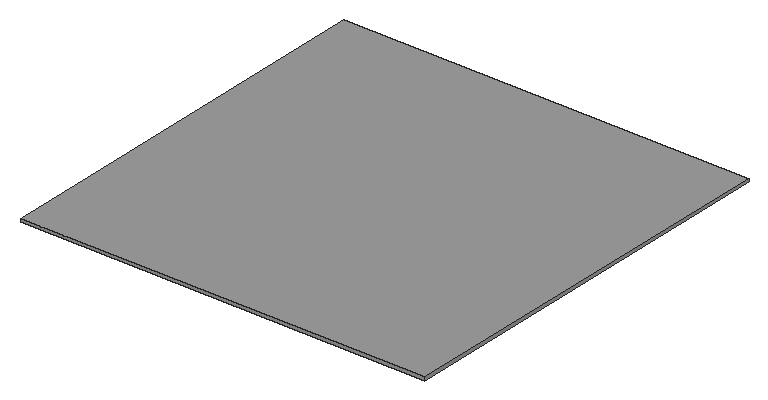
Revit family "BK-BK Inverted Roof 30mm Family", category Generic Models, host Floor, Revit 2017
Family settings
  Host = Floor
  Can host rebar = No
  Round Connector Dimension = Use Diameter
  Part Type = Normal
  Always vertical = Yes
  Cut with Voids When Loaded = No
  Shared = No
  Room Calculation Point = No
Parameters (values of type "Lambdaboard")
  Width = 4000 mm
  URL = "www.rigifoam.com"
  Type Comments = "duncan@rigifoam.com"
  Thermal Resistance = 1.2500 (m²·K)/W
  Thermal Conductivity = 0.0240 W/(m·K)
  Model = "BK/BK Inverted Roof 30mm"
  Material = Polyisocyanurate
  Manufacturer = "Lambdaboard"
  Length = 4000 mm
  Slab Thickness = 300 mm
  Description = "Flexible PIR Insulation"
  Depth = 30 mm
  Density = 40.0000 kg/m³
Reference planes
  plane 1 "Center (Front/Back)": y = 0
  plane 2: z = 0
  plane 3 "Center (Left/Right)": x = 0
Forms (mm)
  Extrusion 1, solid, material "Polyisocyanurate" <- "Material"
    sketch origin (0, 0, 0) x (1, 0, 0) y (0, 1, 0)
      loop
        line (-2000, 2000) -> (-2000, -2000) -> (2000, -2000) -> (2000, 2000) -> (-2000, 2000)
    from -300 to -330
Dimensions and locks
  "Depth": Extrusion 1 to Extrusion 1
  "Length": Extrusion 1 to Extrusion 1
  "Width": Extrusion 1 to Extrusion 1
  "Slab Thickness": plane 2 to Extrusion 1
  aligned and locked: level to plane 2
Automatic sketch dimensions
  Extrusion 1 sketch curve to plane 3 "Center (Left/Right)" = 2000 mm
  plane 3 "Center (Left/Right)" to Extrusion 1 sketch curve = 2000 mm
  plane 1 "Center (Front/Back)" to Extrusion 1 sketch curve = 2000 mm
  Extrusion 1 sketch curve to plane 1 "Center (Front/Back)" = 2000 mm
